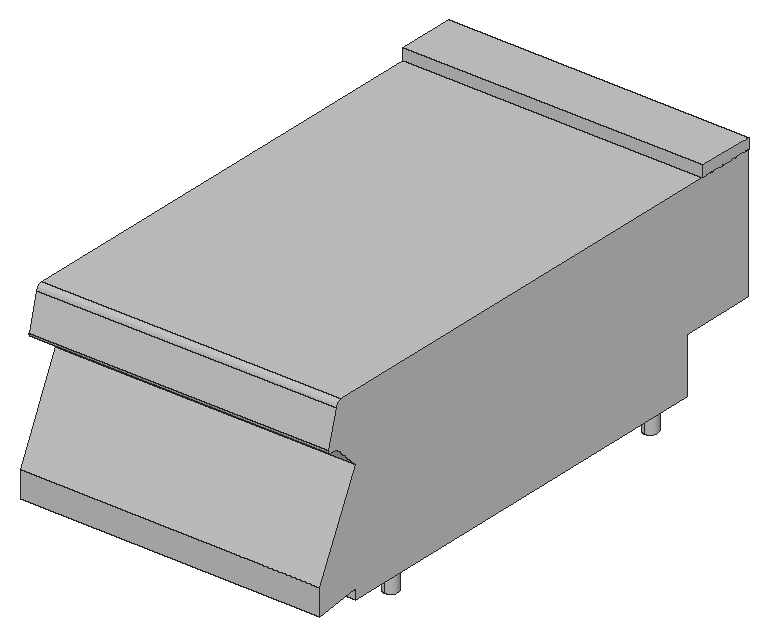
Revit family "QF_ZANUSSI_372116_Z7WTNDN000", category Specialty Equipment, Revit 2018
Family settings
  Round Connector Dimension = Use Diameter
  Part Type = Normal
  Work Plane-Based = No
  Always vertical = Yes
  Cut with Voids When Loaded = No
  Shared = No
  Room Calculation Point = No
Parameters
  Width = 400 mm  # constant formula
  Weight in Pounds = 0
  Weight = 0.00 kg
  Watts = 0 W
  Volts = 0 V
  URL Manufacturer = "http://www.zanussiprofessional.com"
  URL Cutsheet = "www.electrolux.com"
  URL = "http://www.zanussiprofessional.com"
  Type Mark [instance] = ""
  Steam Supply Size = 0"
  Steam Supply Minimum Pressure = 0.00 psi
  Steam Supply Maximum Pressure = 0.00 psi
  Steam Pounds per Hour = 0
  Status [instance] = ""
  Specification by User [instance] = ""
  Specification by Manufacturer = ""
  Show Logo [instance] = yes
  Serial Number = ""
  Seismic Rating = ""
  SMACNA No = ""
  Revision Code [instance] = ""
  Refrigeration Suction Line Size = 0"
  Refrigeration Liquid Line Size = 0"
  Refrigerant Compressor Remote = yes
  Phase = 0
  Omniclass Number and Title = ""
  NAFEM Spec ID Number = ""
  Model = "Z7WTNDN000"
  Masterspec = ""
  Manufacturer = "Zanussi"
  Length Actual = 400 mm  # constant formula
  Item Number [instance] = "372116"
  Installed By [instance] = ""
  Identify Quantity as Lot [instance] = yes
  Hot Water Size = 0"
  Height Actual = 250 mm  # constant formula
  Height = 289 mm  # constant formula
  HP = "0 HP"
  Gas Size = 0"
  Gas KW = 0
  Gas Input Pressure = 0.0 Btu/h
  Furnished By [instance] = ""
  Foodservice Equipment Identifier [instance] = yes
  Direct Waste Size = 0"
  Description = "AMBIENT WORKTOP WITH CLOSED FRONT 400 MM"
  Depth Actual = 700 mm  # constant formula
  Depth = 715 mm  # constant formula
  Cycle = 0 Hz
  Condensate Return Size = 0"
  Compressed Air Volume = 0 GPM
  Compressed Air Size = 0"
  Compressed Air Pressure = 0.00 psi
  Cold Water Size = 0"
  CSI MasterFormat = ""
  CSI Master Format = ""
  Base Height = 24 mm  # constant formula
  Accessory = yes
Reference planes
  plane 1 "BACK": y = 0
  plane 2: z = 0
  plane 3 "LEFT": x = 0
  plane 4 "RIGHT": x = 400
  plane 5 "FRONT": y = -715
  plane 6 "TOP": z = 274
  plane 7 "Center Y": x = 200
  plane 8 "Center X": y = -357.5
  plane 9: z = 24
  plane 10: z = 289
Forms (mm)
  Extrusion 1, solid, material "QF_Finishes_Stainless Steel"
    sketch origin (0, 0, 0) x (0, 1, 0) y (0, 0, 1)
      loop
        line (0, 98) -> (0, 274) -> (-679.358, 274)
        arc (-679.358, 274) -> (-684.643, 271.811) -> (-686.833, 266.526) r 7.474
        line (-686.833, 266.526) -> (-699.884, 221.011)
        arc (-699.884, 221.011) -> (-699.396, 218.379) -> (-697, 217.184) r 3
        line (-697, 217.184) -> (-686.802, 217.184) -> (-654.982, 185.364) -> (-715, 64.508) -> (-715, 29.508) -> (-658.645, 37.428)
        arc (-658.645, 37.428) -> (-656.101, 36.674) -> (-655, 34.259) r 3.2
        line (-655, 34.259) -> (-655, 24) -> (-103, 24) -> (-103, 98) -> (0, 98)
    from 0 to 400
  Extrusion 2, solid, material "QF_Finishes_Stainless Steel"
    sketch origin (0, 0, 0) x (1, 0, 0) y (0, 1, 0)
      loop
        circle (11.112, -149.225) r 9.525
      loop
        circle (388.888, -149.225) r 9.525
      loop
        circle (11.112, -583.238) r 9.525
      loop
        circle (388.888, -583.238) r 9.525
    from 0 to 24
  Extrusion 3, solid, material "QF_Finishes_Stainless Steel"
    sketch origin (0, 0, 0) x (0, 1, 0) y (0, 0, 1)
      loop
        line (0, 274) -> (0, 289) -> (-76.2, 289) -> (-76.2, 274) -> (0, 274)
    from 0 to 400
Lines and regions (mm)
  symbolic lines
    curve 1: line (0, -714.879, 0) -> (400, -714.879, 0)
    curve 2: line (0, 0, 0) -> (0, -714.879, 0)
    curve 3: line (400, 0, 0) -> (0, 0, 0)
    curve 4: line (400, -714.879, 0) -> (400, 0, 0)
    curve 5: line (0, -76.2, 0) -> (400, -76.2, 0)
    curve 6: line (0, -708.529, 0) -> (400, -708.529, 0)
Dimensions and locks
  equal spacing: plane 3 "LEFT", plane 7 "Center Y", plane 4 "RIGHT"
  "Width": plane 3 "LEFT" to plane 4 "RIGHT"
  equal spacing: plane 5 "FRONT", plane 8 "Center X", plane 1 "BACK"
  "Depth": plane 5 "FRONT" to plane 1 "BACK"
  "Height": plane 10 to level
  plane 6 "TOP" to plane 9 = 250 mm  (x2)
  "Base Height": plane 9 to level
  aligned and locked: level to plane 2
  aligned and locked: plane 4 "RIGHT" to Extrusion 1
  aligned and locked: plane 4 "RIGHT" to Extrusion 3
Automatic sketch dimensions
  Extrusion 3 sketch curve to plane 6 "TOP" = 0 mm
  Extrusion 3 sketch curve to plane 1 "BACK" = 0 mm
  Extrusion 3 sketch curve to plane 10 = 0 mm
  curve 1 to plane 3 "LEFT" = 0 mm
  plane 1 "BACK" to curve 4 = 0 mm
  curve 4 to plane 4 "RIGHT" = 0 mm
  curve 6 to plane 5 "FRONT" = 6.471 mm
  curve 2 to plane 5 "FRONT" = 0.121 mm
  plane 3 "LEFT" to Extrusion 2 sketch curve = 11.112 mm  (x2)
  Extrusion 2 sketch curve to plane 4 "RIGHT" = 11.112 mm  (x2)
  Extrusion 2 sketch curve to plane 5 "FRONT" = 122.237 mm  (x2)
  Extrusion 2 sketch curve to Extrusion 2 sketch curve = 9.525 mm  (x4)
  plane 1 "BACK" to curve 5 = 76.2 mm
  Extrusion 2 sketch curve to Extrusion 2 sketch curve = 0 mm  (x2)
  plane 1 "BACK" to Extrusion 2 sketch curve = 158.75 mm  (x2)
  Extrusion 3 sketch curve to Extrusion 3 sketch curve = 76.2 mm
  Extrusion 1 sketch curve to plane 6 "TOP" = 0 mm
  Extrusion 1 sketch curve to plane 9 = 0 mm
  plane 9 to Extrusion 1 sketch curve = 5.508 mm
  plane 5 "FRONT" to Extrusion 1 sketch curve = 0 mm
  Extrusion 1 sketch curve to plane 6 "TOP" = 52.989 mm
  Extrusion 1 sketch curve to Extrusion 1 sketch curve = 15.116 mm
  Extrusion 1 sketch curve to Extrusion 1 sketch curve = 2.884 mm
  Extrusion 1 sketch curve to plane 6 "TOP" = 7.474 mm
  Extrusion 1 sketch curve to Extrusion 1 sketch curve = 13.051 mm
  Extrusion 1 sketch curve to plane 6 "TOP" = 56.816 mm
  Extrusion 1 sketch curve to Extrusion 1 sketch curve = 10.198 mm
  plane 9 to Extrusion 1 sketch curve = 13.428 mm
  Extrusion 1 sketch curve to Extrusion 1 sketch curve = 56.355 mm
  Extrusion 1 sketch curve to Extrusion 1 sketch curve = 0.445 mm
  Extrusion 1 sketch curve to Extrusion 1 sketch curve = 3.2 mm
  Extrusion 1 sketch curve to plane 6 "TOP" = 88.636 mm
  Extrusion 1 sketch curve to Extrusion 1 sketch curve = 31.82 mm
  plane 8 "Center X" to Extrusion 1 sketch curve = 254.5 mm
  plane 8 "Center X" to Extrusion 1 sketch curve = 357.5 mm
  Extrusion 1 sketch curve to Extrusion 1 sketch curve = 35 mm
  Extrusion 1 sketch curve to Extrusion 1 sketch curve = 74 mm
